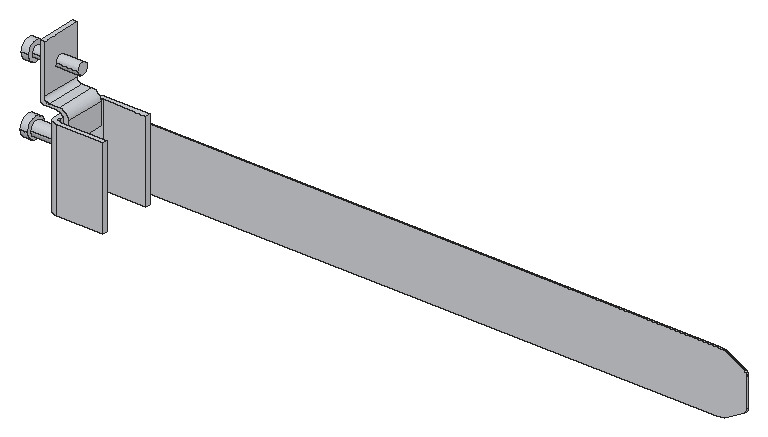
Revit family "EC14", category Generic Models, Revit 2017
Family settings
  Can host rebar = No
  Round Connector Dimension = Use Diameter
  Part Type = Normal
  Work Plane-Based = Yes
  Always vertical = No
  Cut with Voids When Loaded = No
  Shared = No
  Room Calculation Point = No
Parameters (values of type "NBS Standard Parameters")
  Weight = "0.039Kg"
  WarrantyStartDate [instance] = "1900-12-31T23:59:59"
  WarrantyGuarantorParts = "n/a"
  WarrantyGuarantorLabor = "n/a"
  WarrantyDurationUnit = "1 year"
  WarrantyDurationParts = "n/a"
  WarrantyDurationLabor = "n/a"
  WarrantyDescription = "n/a"
  Version = "1"
  Uniclass2 = "Pr_65_70_11_19"
  TagNumber [instance] = "n/a"
  SustainabilityPerformance = "n/a"
  Size = "n/a"
  Shape = "n/a"
  SerialNumber [instance] = "n/a"
  Revision = "n/a"
  ReplacementCost = "n/a"
  ProductInformation = "www.metpro.co.uk/pdf/ec14.pdf"
  NominalWidth = 22 mm
  NominalLength = 135 mm
  NominalHeight = 15 mm
  Name = ""
  NBSTypeID = ""
  NBSReference = "90-75-50/350"
  NBSOfficeMasterTag = ""
  NBSNote = ""
  NBSDescription = "Earthing Clamps"
  NBSCertification = ""
  ModelReference = "EC14"
  ModelNumber = "n/a"
  Material = "Brass"
  ManufacturerURL = "www.metpro.co.uk"
  ManufacturerName = "Metpro Ltd"
  Keynote = "Comprises of Clamp, 6\" Strap and Tag"
  InstallationDate [instance] = "1900-12-31T23:59:59"
  IfcExportType = ""
  IfcExportAs = ""
  Grade = "n/a"
  Finish = "Nickel Plated"
  Features = "n/a"
  ExpectedLife = "n/a"
  DurationUnit = "year"
  Description = "EC14 - Earth Clamp (Suitable for internal use only)"
  Default Elevation = 1219.2 mm
  Constituents = "n/a"
  Color = "n/a"
  CodePerformance = "n/a"
  Category = "n/a"
  BarCode [instance] = "n/a"
  BIMObjectName = "Metpro_metprolibrary_Earthclamps_metal"
  Author = "Metpro Limited"
  AssetType = ""
  AssetIdentifier [instance] = "n/a"
  AccessibilityPerformance = "n/a"
Reference planes
  plane 1 "Center (Front/Back)": y = 0
  plane 2: z = 0
  plane 3 "Center (Left/Right)": x = 0
Forms (mm)
  Extrusion 1, solid
    sketch origin (0, 0, 0) x (1, 0, 0) y (0, 0, 1)
      loop
        line (13.229, 18.046) -> (-114.608, 18.046) -> (-114.608, 5.046) -> (13.229, 5.046)
        arc (13.229, 5.046) -> (14.523, 5.217) -> (15.729, 5.716) r 5
        line (15.729, 5.716) -> (19.068, 7.645)
        arc (19.068, 7.645) -> (19.434, 8.011) -> (19.568, 8.511) r 1
        line (19.568, 8.511) -> (19.568, 14.582)
        arc (19.568, 14.582) -> (19.434, 15.082) -> (19.068, 15.448) r 1
        line (19.068, 15.448) -> (15.729, 17.377)
        arc (15.729, 17.377) -> (14.523, 17.876) -> (13.229, 18.046) r 5
    from 0 to 0.4
  Extrusion 2, solid
    sketch origin (-17.48, 0, 5.046) x (0, -1, 0) y (-1, 0, 0)
      loop
        arc (12.72, 97.172) -> (12.134, 98.587) -> (10.72, 99.172) r 2
        line (10.72, 99.172) -> (2.9, 99.172)
        arc (2.9, 99.172) -> (1.132, 98.44) -> (0.4, 96.672) r 2.5
        line (0.4, 96.672) -> (0.4, 87.52) -> (1.4, 87.52) -> (1.4, 96.672)
        arc (1.4, 96.672) -> (1.839, 97.733) -> (2.9, 98.172) r 1.5
        line (2.9, 98.172) -> (10.72, 98.172)
        arc (10.72, 98.172) -> (11.427, 97.88) -> (11.72, 97.172) r 1
        line (11.72, 97.172) -> (11.72, 87.52) -> (12.72, 87.52) -> (12.72, 97.172)
    from -14.907 to 2.072
  Extrusion 3, solid
    sketch origin (-116.652, -11.72, 5.046) x (1, 0, 0) y (0, 0, -1)
      loop
        line (2.045, -13.762) -> (2.045, -14.745)
        arc (2.045, -14.745) -> (1.574, -15.88) -> (0.439, -16.35) r 1.605
        line (0.439, -16.35) -> (-2.055, -16.35)
        arc (-2.055, -16.35) -> (-2.692, -16.614) -> (-2.955, -17.25) r 0.9
        line (-2.955, -17.25) -> (-2.955, -28.226) -> (-2.123, -28.226) -> (-2.123, -17.964)
        arc (-2.123, -17.964) -> (-1.826, -17.247) -> (-1.11, -16.95) r 1.013
        line (-1.11, -16.95) -> (1.111, -16.95)
        arc (1.111, -16.95) -> (2.427, -16.405) -> (2.973, -15.088) r 1.862
        line (2.973, -15.088) -> (2.973, -10.559) -> (2.045, -10.559) -> (2.045, -13.762)
    from 0.942 to 9.338
  Extrusion 4, solid
    sketch origin (-119.608, -11.72, 21.397) x (0, 0, 1) y (0, 1, 0)
      loop
        circle (6.65, 5) r 1.155
      loop
        circle (-7.712, 4.92) r 1.5
    from -5.595 to 4.091
  Extrusion 5, solid
    sketch origin (-123.698, -11.72, 21.397) x (0, 0, 1) y (0, 1, 0)
      loop
        circle (6.65, 5) r 1.98
      loop
        circle (-7.712, 4.92) r 2.128
    from 0 to 1.567
Dimensions and locks
  aligned and locked: level to plane 2
